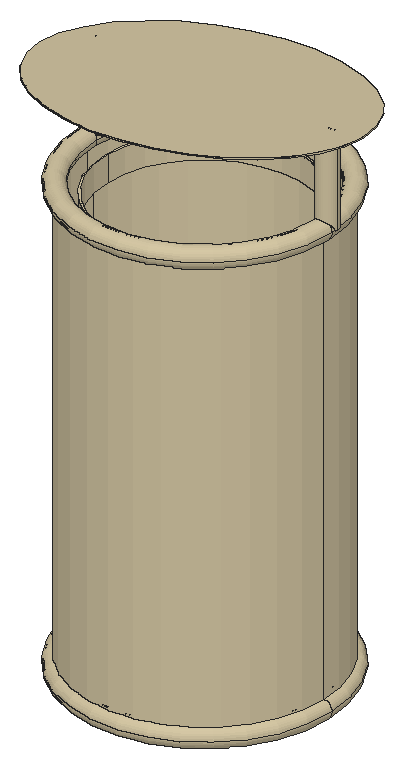
Revit family "1412-F", category Meble, Revit 2021
Family settings
  Numer OmniClass = 23.40.20.00
  Tytuł OmniClass = General Furniture and Specialties
  Oparty na płaszczyźnie roboczej = Nie
  Zawsze pionowo = Tak
  Tnij formami wycięć po wczytaniu = Nie
  Współdzielony = Nie
  Punkt obliczania pomieszczeń = Nie
Parameters (values of type "1412-F")
  metal = Mobilis Design RAL 1000
  Width = "50 cm"
  Weight = "50 kg"
  URL = ""
  Size = "40 L"
  Product Line = "Phoenix"
  Product Groups = ""
  Manufacturer = ""
  Keynote = ""
  Description = ""
  Model = "1412-F"
  Material = ""
  Maintenance = ""
  Lenght = "50 cm"
  Type Comments = ""
  Mobilis Design Materials = ""
  Hosted on = ""
  Height = "98 cm"
  Domyślna rzędna = 0 mm
  Copyright = "All designs and drawings are the common intellectual property of Lars Laj A/S and Tress and are protected by Danish and international copyright laws."
Reference planes
  plane 1: z = 0
  plane 2 "Środek (Lewa/Prawa)": x = 0
  plane 3 "Środek": y = 257.204
  plane 4 "pokrywa": through (-32.226, 501.498, 890.212) normal (0, 0.1804, 0.9836)
Forms (mm)
  Extrusion 1, solid, material "Mobilis Design RAL 1000" <- "metal", not visible
    sketch origin (0, 0, 0) x (0, 1, 0) y (0, 0, 1)
      loop
        arc (71.187, 451.5) -> (57.045, 445.642) -> (51.187, 431.5) r 20
        line (51.187, 431.5) -> (51.187, 18.231)
        arc (51.187, 18.231) -> (56.527, 5.34) -> (69.418, 0) r 18.231
        line (69.418, 0) -> (153.638, 0) -> (153.638, 15) -> (448.638, 15) -> (448.638, 0) -> (527.023, 0)
        arc (527.023, 0) -> (542.307, 6.331) -> (548.638, 21.615) r 21.615
        line (548.638, 21.615) -> (548.638, 429.407)
        arc (548.638, 429.407) -> (542.168, 445.029) -> (526.545, 451.5) r 22.093
        line (526.545, 451.5) -> (71.187, 451.5)
    from 750.378 to 745
  Extrusion 2, solid, material "Mobilis Design RAL 1000" <- "metal", not visible
    sketch origin (0, 0, 0) x (0, 1, 0) y (0, 0, 1)
      loop
        line (548.638, 396.844) -> (629.375, 854.725) -> (601.836, 859.581)
        arc (601.836, 859.581) -> (585.224, 855.898) -> (576.082, 841.547) r 22.232
        line (576.082, 841.547) -> (507.306, 451.5) -> (526.545, 451.5)
        arc (526.545, 451.5) -> (542.168, 445.029) -> (548.638, 429.407) r 22.093
        line (548.638, 429.407) -> (548.638, 396.844)
    from 745 to 750.378
  Extrusion 3, solid, material "Mobilis Design RAL 1000" <- "metal"
    sketch origin (0, 0, 0) x (1, 0, 0) y (0, 1, 0)
      loop
        circle (0, 257.204) r 212.522
      loop
        circle (0, 257.204) r 210
    from 32.185 to 766.732
  Revolve 4, solid, material "Mobilis Design RAL 1000" <- "metal"
    sketch origin (0, 257.204, 0) x (-1, 0, 0) y (0, 0, 1)
      loop
        circle (209.857, 783.176) r 16.886
      loop
        circle (209.857, 783.176) r 15
      axis (0, 783.176) -> (0, 782.176)
    angle from 0 to 360
  Revolve 5, solid, material "Mobilis Design RAL 1000" <- "metal"
    sketch origin (0, 257.204, -765.32) x (-1, 0, 0) y (0, 0, 1)
      loop
        circle (209.857, 783.176) r 16.886
      loop
        circle (209.857, 783.176) r 15
      axis (0, 783.176) -> (0, 782.176)
    angle from 0 to 360
  Extrusion 6, solid, material "Mobilis Design RAL 1000" <- "metal"
    sketch origin (0, 0, 0) x (1, 0, 0) y (0, 1, 0)
      loop
        circle (0, 257.204) r 176
      loop
        circle (0, 257.204) r 173
    from 723.176 to 766.732
  Extrusion 7, solid, material "Mobilis Design RAL 1000" <- "metal"
    sketch origin (1.425, 175.276, 950.043) x (0, 0.983594, -0.180397) y (-1, 0, 0)
      loop
        circle (75.391, 0) r 255
    from -2.041 to 0
  Extrusion 8, solid, material "Mobilis Design RAL 1000" <- "metal"
    sketch origin (0, 0, 0) x (1, 0, 0) y (0, 1, 0)
      loop
        line (-176.023, 266.461) -> (-209.547, 266.461) -> (-209.547, 243.42) -> (-176.023, 243.42) -> (-176.023, 266.461)
      loop
        line (176.023, 266.461) -> (176.023, 243.42) -> (209.547, 243.42) -> (209.547, 266.461) -> (176.023, 266.461)
    from 723.176 to 729.007
  Extrusion 9, solid, material "Mobilis Design RAL 1000" <- "metal"
    sketch origin (0, 0, 0) x (1, 0, 0) y (0, 1, 0)
      loop
        circle (-209.661, 269.135) r 17.3
      loop
        circle (-209.661, 269.135) r 15
      loop
        circle (209.661, 269.135) r 17.3
      loop
        circle (209.661, 269.135) r 15
    from 783.176 to 929.03
  Extrusion 10, solid, material "Mobilis Design RAL 1000" <- "metal"
    sketch origin (0, 0, 0) x (1, 0, 0) y (0, 1, 0)
      loop
        line (-209.547, 266.461) -> (-209.547, 242.563) -> (-207.231, 242.563) -> (-207.231, 266.461) -> (-209.547, 266.461)
      loop
        line (209.547, 266.461) -> (207.231, 266.461) -> (207.231, 242.563) -> (209.547, 242.563) -> (209.547, 266.461)
    from 0 to 723.176
Dimensions and locks
  radius of Extrusion 6 sketch curve = 176 mm
  aligned and locked: level to plane 1
